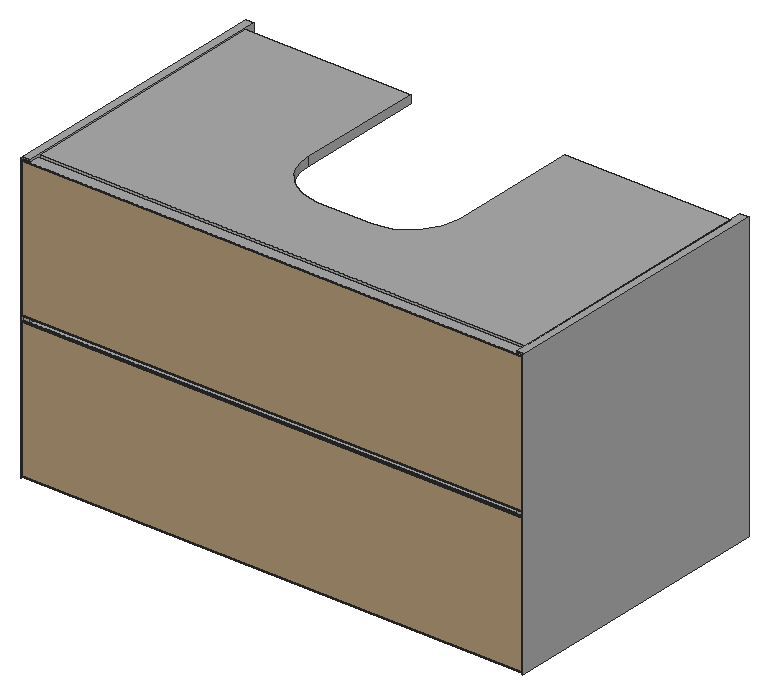
Revit family "vanity unit-hansgrohe-54192XXX-Xevolos E Vanity unit Slate Matt Grey 980_550 with 2 drawers for consoles with countertop basin ground", category Furniture, Revit 2019
Family settings
  OmniClass Number = 23.40.00.00
  OmniClass Title = Equipment and Furnishings
  Work Plane-Based = No
  Always vertical = Yes
  Cut with Voids When Loaded = No
  Shared = Yes
  Room Calculation Point = No
Parameters (values of type "54192390-SLATE_MATT_GREY-PATTEREND_BRONZE-400")
  etim7_EC011381 = "EC011381"
  WEIGHT = "49.4"
  UNSPSC = "56 | Furniture and Furnishings"
  UNIFORMATII = "E2010 | Fixed Furnishings"
  UNICLASS_2015_CODE = "40_30_78_05"
  UNICLASS2015 = "Pr_40_30_78_05 | Bathroom furniture"
  SURFACE = "PATTEREND_BRONZE"
  REGION = "Worldwide"
  PRODUCTURL = "https://pro.hansgrohe.com/articledetail--54192770"
  PERMALINK = "54192XXX"
  OMNICLASS = "23-21 19 15 33 13 | Residential Bathroom Specialty Casework"
  OBJECTTYPE = "Object (single object)"
  OBERFLAECHE = "SLATE_MATT_GREY"
  NN = "Vanity unit with 2 drawers for consoles with countertop basin ground"
  NBSYN = "$ARTNR.-$OBERFLAECHE.-$SURFACE.-$LODLEVEL."
  NB = "54192390-SLATE_MATT_GREY-PATTEREND_BRONZE-400"
  NAME = "Xevolos E Vanity unit Slate Matt Grey 980/550 with 2 drawers for consoles with countertop basin ground"
  Model = "54192390-SLATE_MATT_GREY-PATTEREND_BRONZE-400"
  Manufacturer = "Hansgrohe"
  MIdent = "{$CADENAS_DATA/23d-libs/hansgrohe/xevolos_furniture/e_vanity_unit_2_drawers_console_countertop_basin/vanity_unit_2drawers_consoles_countertop_basin.prj},301 {VTYP=3D},{NB=54192390-SLATE_MATT_GREY-PATTEREND_BRONZE-400},{LINA=54192390-SLATE_MATT_GREY-PATTEREND_BRONZE-400},{NN=Vanity unit with 2 drawers for consoles with countertop basin ground},{DATE=13.03.2023 11:45:48},{GEOMDATE=12.03.2023 06:32:00},{VERSION=},{LINEID=160},{WBVAR=LODLEVEL},{WBNUMERIC=}  {NB=54192390-SLATE_MATT_GREY-PATTEREND_BRONZE-400},{LINA=54192390-SLATE_MATT_GREY-PATTEREND_BRONZE-400},{KT=DUMMY},{IDNR=16},{ARTNR=54192390},{BASENUMBER=54192},{MODEL=54192XXX},{OBERFLAECHE=SLATE_MATT_GREY},{SURFACE=PATTEREND_BRONZE},{L=980},{LODLEVEL=400},{LODLEVELX='400','400','200','200'},{NAME=Xevolos E Vanity unit Slate Matt Grey 980/550 with 2 drawers for consoles with countertop basin ground},{PERMALINK=54192XXX},{OBJECTTYPE=Object (single object)},{BIMOBJECT=Sanitary: Compound units},{COLLECTIONSET=Xevolos E},{COLLECTION=vanity unit},{WEIGHT=49.4},{DESCRIPTION=Xevolos E Vanity unit Slate Matt Grey 980/550 with 2 drawers for consoles with countertop basin ground},{PRODUCTURL=https://pro.hansgrohe.com/articledetail--54192770},{GTINCODE=0},{TENDERURL=0},{IFC=Furnishing element},{ETIM=EC011381 | Bathroom furniture set},{UNICLASS2015=Pr_40_30_78_05 | Bathroom furniture},{OMNICLASS=23-21 19 15 33 13 | Residential Bathroom Specialty Casework},{MASTERFORMAT=12 35 30.23 | Bathroom Casework},{UNSPSC=56 | Furniture and Furnishings},{UNIFORMATII=E2010 | Fixed Furnishings},{REGION=Worldwide},{DESIGN=Germany},{MANUFACTURER=Germany}"
  MASTERFORMAT = "12 35 30.23 | Bathroom Casework"
  LODLEVEL = "400"
  LINA = "54192390-SLATE_MATT_GREY-PATTEREND_BRONZE-400"
  L = 980
  IFC = "Furnishing element"
  IDNR = 16
  ETIM = "EC011381 | Bathroom furniture set"
  DESIGN = "Germany"
  COLLECTIONSET = "Xevolos E"
  COLLECTION = "vanity unit"
  CATALOG = "Hansgrohe"
  BIMOBJECT = "Sanitary: Compound units"
  BASENUMBER = "54192"
  ARTNR = "54192390"
  54192770-SLATE_MATT_GREY-METALLIC_SLATE_GREY-400_RX0RY0RZ0TX0TY0TZ0_V = no
  54192770-SLATE_MATT_GREY-METALLIC_SLATE_GREY-200_RX0RY0RZ0TX0TY0TZ0_V = no
  54192730-SLATE_MATT_GREY-DARK_OAK-400_RX0RY0RZ0TX0TY0TZ0_V = no
  54192730-SLATE_MATT_GREY-DARK_OAK-200_RX0RY0RZ0TX0TY0TZ0_V = no
  54192390-SLATE_MATT_GREY-PATTEREND_BRONZE-400_RX0RY0RZ0TX0TY0TZ0_V = yes
  54192390-SLATE_MATT_GREY-PATTEREND_BRONZE-200_RX0RY0RZ0TX0TY0TZ0_V = no
Types (6, lengths in mm): name | SURFACE | NB | Model | MIdent | LODLEVEL | LINA | IDNR | ARTNR | 54192770-SLATE_MATT_GREY-METALLIC_SLATE_GREY-400_RX0RY0RZ0TX0TY0TZ0_V | 54192770-SLATE_MATT_GREY-METALLIC_SLATE_GREY-200_RX0RY0RZ0TX0TY0TZ0_V | 54192730-SLATE_MATT_GREY-DARK_OAK-400_RX0RY0RZ0TX0TY0TZ0_V | 54192730-SLATE_MATT_GREY-DARK_OAK-200_RX0RY0RZ0TX0TY0TZ0_V | 54192390-SLATE_MATT_GREY-PATTEREND_BRONZE-400_RX0RY0RZ0TX0TY0TZ0_V | 54192390-SLATE_MATT_GREY-PATTEREND_BRONZE-200_RX0RY0RZ0TX0TY0TZ0_V
  54192390-SLATE_MATT_GREY-PATTEREND_BRONZE-200 | "PATTEREND_BRONZE" | "54192390-SLATE_MATT_GREY-PATTEREND_BRONZE-200" | "54192390-SLATE_MATT_GREY-PATTEREND_BRONZE-200" | "{$CADENAS_DATA/23d-libs/hansgrohe/xevolos_furniture/e_vanity_unit_2_drawers_console_countertop_basin/vanity_unit_2drawers_consoles_countertop_basin.prj},301 {VTYP=3D},{NB=54192390-SLATE_MATT_GREY-PATTEREND_BRONZE-200},{LINA=54192390-SLATE_MATT_GREY-PATTEREND_BRONZE-200},{NN=Vanity unit with 2 drawers for consoles with countertop basin ground},{DATE=13.03.2023 11:45:48},{GEOMDATE=12.03.2023 06:32:00},{VERSION=},{LINEID=160},{WBVAR=LODLEVEL},{WBNUMERIC=}  {NB=54192390-SLATE_MATT_GREY-PATTEREND_BRONZE-200},{LINA=54192390-SLATE_MATT_GREY-PATTEREND_BRONZE-200},{KT=DUMMY},{IDNR=16},{ARTNR=54192390},{BASENUMBER=54192},{MODEL=54192XXX},{OBERFLAECHE=SLATE_MATT_GREY},{SURFACE=PATTEREND_BRONZE},{L=980},{LODLEVEL=200},{LODLEVELX='400','400','200','200'},{NAME=Xevolos E Vanity unit Slate Matt Grey 980/550 with 2 drawers for consoles with countertop basin ground},{PERMALINK=54192XXX},{OBJECTTYPE=Object (single object)},{BIMOBJECT=Sanitary: Compound units},{COLLECTIONSET=Xevolos E},{COLLECTION=vanity unit},{WEIGHT=49.4},{DESCRIPTION=Xevolos E Vanity unit Slate Matt Grey 980/550 with 2 drawers for consoles with countertop basin ground},{PRODUCTURL=https://pro.hansgrohe.com/articledetail--54192770},{GTINCODE=0},{TENDERURL=0},{IFC=Furnishing element},{ETIM=EC011381 | Bathroom furniture set},{UNICLASS2015=Pr_40_30_78_05 | Bathroom furniture},{OMNICLASS=23-21 19 15 33 13 | Residential Bathroom Specialty Casework},{MASTERFORMAT=12 35 30.23 | Bathroom Casework},{UNSPSC=56 | Furniture and Furnishings},{UNIFORMATII=E2010 | Fixed Furnishings},{REGION=Worldwide},{DESIGN=Germany},{MANUFACTURER=Germany}" | "200" | "54192390-SLATE_MATT_GREY-PATTEREND_BRONZE-200" | 16 | "54192390" | no | no | no | no | no | yes
  54192390-SLATE_MATT_GREY-PATTEREND_BRONZE-400 | "PATTEREND_BRONZE" | "54192390-SLATE_MATT_GREY-PATTEREND_BRONZE-400" | "54192390-SLATE_MATT_GREY-PATTEREND_BRONZE-400" | "{$CADENAS_DATA/23d-libs/hansgrohe/xevolos_furniture/e_vanity_unit_2_drawers_console_countertop_basin/vanity_unit_2drawers_consoles_countertop_basin.prj},301 {VTYP=3D},{NB=54192390-SLATE_MATT_GREY-PATTEREND_BRONZE-400},{LINA=54192390-SLATE_MATT_GREY-PATTEREND_BRONZE-400},{NN=Vanity unit with 2 drawers for consoles with countertop basin ground},{DATE=13.03.2023 11:45:48},{GEOMDATE=12.03.2023 06:32:00},{VERSION=},{LINEID=160},{WBVAR=LODLEVEL},{WBNUMERIC=}  {NB=54192390-SLATE_MATT_GREY-PATTEREND_BRONZE-400},{LINA=54192390-SLATE_MATT_GREY-PATTEREND_BRONZE-400},{KT=DUMMY},{IDNR=16},{ARTNR=54192390},{BASENUMBER=54192},{MODEL=54192XXX},{OBERFLAECHE=SLATE_MATT_GREY},{SURFACE=PATTEREND_BRONZE},{L=980},{LODLEVEL=400},{LODLEVELX='400','400','200','200'},{NAME=Xevolos E Vanity unit Slate Matt Grey 980/550 with 2 drawers for consoles with countertop basin ground},{PERMALINK=54192XXX},{OBJECTTYPE=Object (single object)},{BIMOBJECT=Sanitary: Compound units},{COLLECTIONSET=Xevolos E},{COLLECTION=vanity unit},{WEIGHT=49.4},{DESCRIPTION=Xevolos E Vanity unit Slate Matt Grey 980/550 with 2 drawers for consoles with countertop basin ground},{PRODUCTURL=https://pro.hansgrohe.com/articledetail--54192770},{GTINCODE=0},{TENDERURL=0},{IFC=Furnishing element},{ETIM=EC011381 | Bathroom furniture set},{UNICLASS2015=Pr_40_30_78_05 | Bathroom furniture},{OMNICLASS=23-21 19 15 33 13 | Residential Bathroom Specialty Casework},{MASTERFORMAT=12 35 30.23 | Bathroom Casework},{UNSPSC=56 | Furniture and Furnishings},{UNIFORMATII=E2010 | Fixed Furnishings},{REGION=Worldwide},{DESIGN=Germany},{MANUFACTURER=Germany}" | "400" | "54192390-SLATE_MATT_GREY-PATTEREND_BRONZE-400" | 16 | "54192390" | no | no | no | no | yes | no
  54192730-SLATE_MATT_GREY-DARK_OAK-200 | "DARK_OAK" | "54192730-SLATE_MATT_GREY-DARK_OAK-200" | "54192730-SLATE_MATT_GREY-DARK_OAK-200" | "{$CADENAS_DATA/23d-libs/hansgrohe/xevolos_furniture/e_vanity_unit_2_drawers_console_countertop_basin/vanity_unit_2drawers_consoles_countertop_basin.prj},285 {VTYP=3D},{NB=54192730-SLATE_MATT_GREY-DARK_OAK-200},{LINA=54192730-SLATE_MATT_GREY-DARK_OAK-200},{NN=Vanity unit with 2 drawers for consoles with countertop basin ground},{DATE=13.03.2023 11:45:48},{GEOMDATE=12.03.2023 06:32:00},{VERSION=},{LINEID=170},{WBVAR=LODLEVEL},{WBNUMERIC=}  {NB=54192730-SLATE_MATT_GREY-DARK_OAK-200},{LINA=54192730-SLATE_MATT_GREY-DARK_OAK-200},{KT=DUMMY},{IDNR=17},{ARTNR=54192730},{BASENUMBER=54192},{MODEL=54192XXX},{OBERFLAECHE=SLATE_MATT_GREY},{SURFACE=DARK_OAK},{L=980},{LODLEVEL=200},{LODLEVELX='400','400','200','200'},{NAME=Xevolos E Vanity unit Slate Matt Grey 980/550 with 2 drawers for consoles with countertop basin ground},{PERMALINK=54192XXX},{OBJECTTYPE=Object (single object)},{BIMOBJECT=Sanitary: Compound units},{COLLECTIONSET=Xevolos E},{COLLECTION=vanity unit},{WEIGHT=49.4},{DESCRIPTION=Xevolos E Vanity unit Slate Matt Grey 980/550 with 2 drawers for consoles with countertop basin ground},{PRODUCTURL=https://pro.hansgrohe.com/articledetail--54192770},{GTINCODE=0},{TENDERURL=0},{IFC=Furnishing element},{ETIM=EC011381 | Bathroom furniture set},{UNICLASS2015=Pr_40_30_78_05 | Bathroom furniture},{OMNICLASS=23-21 19 15 33 13 | Residential Bathroom Specialty Casework},{MASTERFORMAT=12 35 30.23 | Bathroom Casework},{UNSPSC=56 | Furniture and Furnishings},{UNIFORMATII=E2010 | Fixed Furnishings},{REGION=Worldwide},{DESIGN=Germany},{MANUFACTURER=Germany}" | "200" | "54192730-SLATE_MATT_GREY-DARK_OAK-200" | 17 | "54192730" | no | no | no | yes | no | no
  54192730-SLATE_MATT_GREY-DARK_OAK-400 | "DARK_OAK" | "54192730-SLATE_MATT_GREY-DARK_OAK-400" | "54192730-SLATE_MATT_GREY-DARK_OAK-400" | "{$CADENAS_DATA/23d-libs/hansgrohe/xevolos_furniture/e_vanity_unit_2_drawers_console_countertop_basin/vanity_unit_2drawers_consoles_countertop_basin.prj},285 {VTYP=3D},{NB=54192730-SLATE_MATT_GREY-DARK_OAK-400},{LINA=54192730-SLATE_MATT_GREY-DARK_OAK-400},{NN=Vanity unit with 2 drawers for consoles with countertop basin ground},{DATE=13.03.2023 11:45:48},{GEOMDATE=12.03.2023 06:32:00},{VERSION=},{LINEID=170},{WBVAR=LODLEVEL},{WBNUMERIC=}  {NB=54192730-SLATE_MATT_GREY-DARK_OAK-400},{LINA=54192730-SLATE_MATT_GREY-DARK_OAK-400},{KT=DUMMY},{IDNR=17},{ARTNR=54192730},{BASENUMBER=54192},{MODEL=54192XXX},{OBERFLAECHE=SLATE_MATT_GREY},{SURFACE=DARK_OAK},{L=980},{LODLEVEL=400},{LODLEVELX='400','400','200','200'},{NAME=Xevolos E Vanity unit Slate Matt Grey 980/550 with 2 drawers for consoles with countertop basin ground},{PERMALINK=54192XXX},{OBJECTTYPE=Object (single object)},{BIMOBJECT=Sanitary: Compound units},{COLLECTIONSET=Xevolos E},{COLLECTION=vanity unit},{WEIGHT=49.4},{DESCRIPTION=Xevolos E Vanity unit Slate Matt Grey 980/550 with 2 drawers for consoles with countertop basin ground},{PRODUCTURL=https://pro.hansgrohe.com/articledetail--54192770},{GTINCODE=0},{TENDERURL=0},{IFC=Furnishing element},{ETIM=EC011381 | Bathroom furniture set},{UNICLASS2015=Pr_40_30_78_05 | Bathroom furniture},{OMNICLASS=23-21 19 15 33 13 | Residential Bathroom Specialty Casework},{MASTERFORMAT=12 35 30.23 | Bathroom Casework},{UNSPSC=56 | Furniture and Furnishings},{UNIFORMATII=E2010 | Fixed Furnishings},{REGION=Worldwide},{DESIGN=Germany},{MANUFACTURER=Germany}" | "400" | "54192730-SLATE_MATT_GREY-DARK_OAK-400" | 17 | "54192730" | no | no | yes | no | no | no
  54192770-SLATE_MATT_GREY-METALLIC_SLATE_GREY-200 | "METALLIC_SLATE_GREY" | "54192770-SLATE_MATT_GREY-METALLIC_SLATE_GREY-200" | "54192770-SLATE_MATT_GREY-METALLIC_SLATE_GREY-200" | "{$CADENAS_DATA/23d-libs/hansgrohe/xevolos_furniture/e_vanity_unit_2_drawers_console_countertop_basin/vanity_unit_2drawers_consoles_countertop_basin.prj},307 {VTYP=3D},{NB=54192770-SLATE_MATT_GREY-METALLIC_SLATE_GREY-200},{LINA=54192770-SLATE_MATT_GREY-METALLIC_SLATE_GREY-200},{NN=Vanity unit with 2 drawers for consoles with countertop basin ground},{DATE=13.03.2023 11:45:48},{GEOMDATE=12.03.2023 06:32:00},{VERSION=},{LINEID=180},{WBVAR=LODLEVEL},{WBNUMERIC=}  {NB=54192770-SLATE_MATT_GREY-METALLIC_SLATE_GREY-200},{LINA=54192770-SLATE_MATT_GREY-METALLIC_SLATE_GREY-200},{KT=DUMMY},{IDNR=18},{ARTNR=54192770},{BASENUMBER=54192},{MODEL=54192XXX},{OBERFLAECHE=SLATE_MATT_GREY},{SURFACE=METALLIC_SLATE_GREY},{L=980},{LODLEVEL=200},{LODLEVELX='400','400','200','200'},{NAME=Xevolos E Vanity unit Slate Matt Grey 980/550 with 2 drawers for consoles with countertop basin ground},{PERMALINK=54192XXX},{OBJECTTYPE=Object (single object)},{BIMOBJECT=Sanitary: Compound units},{COLLECTIONSET=Xevolos E},{COLLECTION=vanity unit},{WEIGHT=49.4},{DESCRIPTION=Xevolos E Vanity unit Slate Matt Grey 980/550 with 2 drawers for consoles with countertop basin ground},{PRODUCTURL=https://pro.hansgrohe.com/articledetail--54192770},{GTINCODE=0},{TENDERURL=0},{IFC=Furnishing element},{ETIM=EC011381 | Bathroom furniture set},{UNICLASS2015=Pr_40_30_78_05 | Bathroom furniture},{OMNICLASS=23-21 19 15 33 13 | Residential Bathroom Specialty Casework},{MASTERFORMAT=12 35 30.23 | Bathroom Casework},{UNSPSC=56 | Furniture and Furnishings},{UNIFORMATII=E2010 | Fixed Furnishings},{REGION=Worldwide},{DESIGN=Germany},{MANUFACTURER=Germany}" | "200" | "54192770-SLATE_MATT_GREY-METALLIC_SLATE_GREY-200" | 18 | "54192770" | no | yes | no | no | no | no
  54192770-SLATE_MATT_GREY-METALLIC_SLATE_GREY-400 | "METALLIC_SLATE_GREY" | "54192770-SLATE_MATT_GREY-METALLIC_SLATE_GREY-400" | "54192770-SLATE_MATT_GREY-METALLIC_SLATE_GREY-400" | "{$CADENAS_DATA/23d-libs/hansgrohe/xevolos_furniture/e_vanity_unit_2_drawers_console_countertop_basin/vanity_unit_2drawers_consoles_countertop_basin.prj},307 {VTYP=3D},{NB=54192770-SLATE_MATT_GREY-METALLIC_SLATE_GREY-400},{LINA=54192770-SLATE_MATT_GREY-METALLIC_SLATE_GREY-400},{NN=Vanity unit with 2 drawers for consoles with countertop basin ground},{DATE=13.03.2023 11:45:48},{GEOMDATE=12.03.2023 06:32:00},{VERSION=},{LINEID=180},{WBVAR=LODLEVEL},{WBNUMERIC=}  {NB=54192770-SLATE_MATT_GREY-METALLIC_SLATE_GREY-400},{LINA=54192770-SLATE_MATT_GREY-METALLIC_SLATE_GREY-400},{KT=DUMMY},{IDNR=18},{ARTNR=54192770},{BASENUMBER=54192},{MODEL=54192XXX},{OBERFLAECHE=SLATE_MATT_GREY},{SURFACE=METALLIC_SLATE_GREY},{L=980},{LODLEVEL=400},{LODLEVELX='400','400','200','200'},{NAME=Xevolos E Vanity unit Slate Matt Grey 980/550 with 2 drawers for consoles with countertop basin ground},{PERMALINK=54192XXX},{OBJECTTYPE=Object (single object)},{BIMOBJECT=Sanitary: Compound units},{COLLECTIONSET=Xevolos E},{COLLECTION=vanity unit},{WEIGHT=49.4},{DESCRIPTION=Xevolos E Vanity unit Slate Matt Grey 980/550 with 2 drawers for consoles with countertop basin ground},{PRODUCTURL=https://pro.hansgrohe.com/articledetail--54192770},{GTINCODE=0},{TENDERURL=0},{IFC=Furnishing element},{ETIM=EC011381 | Bathroom furniture set},{UNICLASS2015=Pr_40_30_78_05 | Bathroom furniture},{OMNICLASS=23-21 19 15 33 13 | Residential Bathroom Specialty Casework},{MASTERFORMAT=12 35 30.23 | Bathroom Casework},{UNSPSC=56 | Furniture and Furnishings},{UNIFORMATII=E2010 | Fixed Furnishings},{REGION=Worldwide},{DESIGN=Germany},{MANUFACTURER=Germany}" | "400" | "54192770-SLATE_MATT_GREY-METALLIC_SLATE_GREY-400" | 18 | "54192770" | yes | no | no | no | no | no
Reference planes
  plane 1 "Center (Front/Back)": y = 0
  plane 2: z = 0
  plane 3 "Center (Left/Right)": x = 0
Dimensions and locks
  aligned and locked: level to plane 2
Nested families
  nested 1: "54192390-slate_matt_grey-patterend_bronze-200_content" at (0, 0, 0), visible <- "54192390-SLATE_MATT_GREY-PATTEREND_BRONZE-200_RX0RY0RZ0TX0TY0TZ0_V", ContentVisible <- "54192390-SLATE_MATT_GREY-PATTEREND_BRONZE-200_RX0RY0RZ0TX0TY0TZ0_V", type "54192390-SLATE_MATT_GREY-PATTEREND_BRONZE-200_Content"
    with ContentVisible no
  nested 2: "54192390-slate_matt_grey-patterend_bronze-400_content" at (0, 0, 0), visible <- "54192390-SLATE_MATT_GREY-PATTEREND_BRONZE-400_RX0RY0RZ0TX0TY0TZ0_V", ContentVisible <- "54192390-SLATE_MATT_GREY-PATTEREND_BRONZE-400_RX0RY0RZ0TX0TY0TZ0_V", type "54192390-SLATE_MATT_GREY-PATTEREND_BRONZE-400_Content"
    with ContentVisible yes
  nested 3: "54192730-slate_matt_grey-dark_oak-200_content" at (0, 0, 0), visible <- "54192730-SLATE_MATT_GREY-DARK_OAK-200_RX0RY0RZ0TX0TY0TZ0_V", ContentVisible <- "54192730-SLATE_MATT_GREY-DARK_OAK-200_RX0RY0RZ0TX0TY0TZ0_V", type "54192730-SLATE_MATT_GREY-DARK_OAK-200_Content"
    with ContentVisible no
  nested 4: "54192730-slate_matt_grey-dark_oak-400_content" at (0, 0, 0), visible <- "54192730-SLATE_MATT_GREY-DARK_OAK-400_RX0RY0RZ0TX0TY0TZ0_V", ContentVisible <- "54192730-SLATE_MATT_GREY-DARK_OAK-400_RX0RY0RZ0TX0TY0TZ0_V", type "54192730-SLATE_MATT_GREY-DARK_OAK-400_Content"
    with ContentVisible no
  nested 5: "54192770-slate_matt_grey-metallic_slate_grey-200_content" at (0, 0, 0), visible <- "54192770-SLATE_MATT_GREY-METALLIC_SLATE_GREY-200_RX0RY0RZ0TX0TY0TZ0_V", ContentVisible <- "54192770-SLATE_MATT_GREY-METALLIC_SLATE_GREY-200_RX0RY0RZ0TX0TY0TZ0_V", type "54192770-SLATE_MATT_GREY-METALLIC_SLATE_GREY-200_Content"
    with ContentVisible no
  nested 6: "54192770-slate_matt_grey-metallic_slate_grey-400_content" at (0, 0, 0), visible <- "54192770-SLATE_MATT_GREY-METALLIC_SLATE_GREY-400_RX0RY0RZ0TX0TY0TZ0_V", ContentVisible <- "54192770-SLATE_MATT_GREY-METALLIC_SLATE_GREY-400_RX0RY0RZ0TX0TY0TZ0_V", type "54192770-SLATE_MATT_GREY-METALLIC_SLATE_GREY-400_Content"
    with ContentVisible no
Definition of nested family "54192390-slate_matt_grey-patterend_bronze-400_content"
  Parameters (values of type "54192390-SLATE_MATT_GREY-PATTEREND_BRONZE-400_Content")
    etim7_EC011381 = "EC011381"
    WEIGHT = "49.4"
    UNSPSC = "56 | Furniture and Furnishings"
    UNIFORMATII = "E2010 | Fixed Furnishings"
    UNICLASS_2015_CODE = "40_30_78_05"
    UNICLASS2015 = "Pr_40_30_78_05 | Bathroom furniture"
    SURFACE = "PATTEREND_BRONZE"
    REGION = "Worldwide"
    PRODUCTURL = "https://pro.hansgrohe.com/articledetail--54192770"
    PERMALINK = "54192XXX"
    OMNICLASS = "23-21 19 15 33 13 | Residential Bathroom Specialty Casework"
    OBJECTTYPE = "Object (single object)"
    OBERFLAECHE = "SLATE_MATT_GREY"
    NN = "Vanity unit with 2 drawers for consoles with countertop basin ground"
    NBSYN = "$ARTNR.-$OBERFLAECHE.-$SURFACE.-$LODLEVEL."
    NB = "54192390-SLATE_MATT_GREY-PATTEREND_BRONZE-400"
    NAME = "Xevolos E Vanity unit Slate Matt Grey 980/550 with 2 drawers for consoles with countertop basin ground"
    Model = "54192390-SLATE_MATT_GREY-PATTEREND_BRONZE-400"
    Manufacturer = "Hansgrohe"
    MASTERFORMAT = "12 35 30.23 | Bathroom Casework"
    LODLEVEL = "400"
    LINA = "54192390-SLATE_MATT_GREY-PATTEREND_BRONZE-400"
    L = 980
    IFC = "Furnishing element"
    IDNR = 16
    ETIM = "EC011381 | Bathroom furniture set"
    Default Elevation = 1219.2 mm
    DESIGN = "Germany"
    ContentVisible [instance] = yes
    COLLECTIONSET = "Xevolos E"
    COLLECTION = "vanity unit"
    CATALOG = "Hansgrohe"
    BIMOBJECT = "Sanitary: Compound units"
    BASENUMBER = "54192"
    ARTNR = "54192390"
  Reference planes
    plane 1 "Center (Front/Back)": y = 0
    plane 2: z = 0
    plane 3 "Center (Left/Right)": x = 0
  Forms (mm)
    Extrusion 1, solid, visible <- "ContentVisible", detail levels medium+fine
      sketch origin (0, 0, 0) x (1, 0, 0) y (0, 1, 0)
        loop
          line (-490, 0) -> (-490, -548.3) -> (-488, -548.3) -> (-488, -544.3) -> (-474, -544.3) -> (-474, 0) -> (-490, 0)
      from 0 to 558
    Extrusion 2, solid, visible <- "ContentVisible", detail levels medium+fine
      sketch origin (0, 0, 0) x (1, 0, 0) y (0, 1, 0)
        loop
          line (-474, -131.5) -> (-474, -498) -> (474, -498) -> (474, -131.5) -> (-474, -131.5)
      from 0 to 16
    Extrusion 3, solid, visible <- "ContentVisible", detail levels medium+fine
      sketch origin (0, 0, 0) x (1, 0, 0) y (0, 1, 0)
        loop
          line (474, 0) -> (474, -544.3) -> (488, -544.3) -> (488, -548.3) -> (490, -548.3) -> (490, 0) -> (474, 0)
      from 0 to 558
    Extrusion 4, solid, visible <- "ContentVisible", detail levels medium+fine
      sketch origin (0, 0, 0.5) x (1, 0, 0) y (0, 1, 0)
        loop
          line (-474, -115.5) -> (-474, -131.5) -> (474, -131.5) -> (474, -115.5) -> (-474, -115.5)
      from 0 to 126
    Extrusion 5, solid, visible <- "ContentVisible", detail levels medium+fine
      sketch origin (0, 0, 2) x (1, 0, 0) y (0, 1, 0)
        loop
          line (-488, -527) -> (-488, -548.3) -> (488, -548.3) -> (488, -527) -> (-488, -527)
      from 0 to 2
    Extrusion 6, solid, visible <- "ContentVisible", detail levels medium+fine
      sketch origin (0, 0, 556) x (1, 0, 0) y (0, 1, 0)
        loop
          line (-488, -527) -> (-488, -548.3) -> (488, -548.3) -> (488, -527) -> (-488, -527)
      from -2 to 0
    Extrusion 7, solid, visible <- "ContentVisible", detail levels medium+fine
      sketch origin (0, -544.3, 0) x (1, 0, 0) y (0, 0, -1)
        loop
          line (-488, -272.5) -> (488, -272.5) -> (488, -4) -> (-488, -4) -> (-488, -272.5)
      from -4 to 0
    Extrusion 8, solid, visible <- "ContentVisible", detail levels medium+fine
      sketch origin (0, -544.3, 0) x (1, 0, 0) y (0, 0, -1)
        loop
          line (-488, -554) -> (488, -554) -> (488, -285.5) -> (-488, -285.5) -> (-488, -554)
      from -4 to 0
    Extrusion 9, solid, visible <- "ContentVisible", detail levels medium+fine
      sketch origin (0, 0, 272.5) x (1, 0, 0) y (0, 1, 0)
        loop
          line (-488, -527) -> (-488, -548.3) -> (488, -548.3) -> (488, -527) -> (-488, -527)
      from 0 to 2
    Extrusion 10, solid, visible <- "ContentVisible", detail levels medium+fine
      sketch origin (0, 0, 285.5) x (1, 0, 0) y (0, 1, 0)
        loop
          line (-488, -527) -> (-488, -548.3) -> (488, -548.3) -> (488, -527) -> (-488, -527)
      from -2 to 0
    Extrusion 11, solid, visible <- "ContentVisible", detail levels medium+fine
      sketch origin (0, -544.3, 0) x (1, 0, 0) y (0, 0, -1)
        loop
          line (-488, -274.5) -> (488, -274.5) -> (488, -4.5) -> (-488, -4.5) -> (-488, -274.5)
        loop
          line (-414, -78) -> (-414, -272.5) -> (414, -272.5) -> (414, -78) -> (-414, -78)
      from 0 to 17
    Extrusion 12, solid, visible <- "ContentVisible", detail levels medium+fine
      sketch origin (0, -544.3, 0) x (1, 0, 0) y (0, 0, -1)
        loop
          line (-488, -553.5) -> (-412, -553.5) -> (-412, -361.5) -> (412, -361.5) -> (412, -553.5) -> (488, -553.5) -> (488, -285.5) -> (-488, -285.5) -> (-488, -553.5)
      from 0 to 17
    Extrusion 13, solid, visible <- "ContentVisible", detail levels medium+fine
      sketch origin (0, 0, 0) x (0, 0, -1) y (0, 1, 0)
        loop
          line (-285, -395.5) -> (-285, -520) -> (-269, -520) -> (-269, -395.5) -> (-285, -395.5)
      from -474 to 474
    Extrusion 14, solid, visible <- "ContentVisible", detail levels medium+fine
      sketch origin (0, 0, 557.5) x (1, 0, 0) y (0, 1, 0)
        loop
          line (-474, -521.5) -> (474, -521.5) -> (474, -23) -> (150, -23) -> (150, -273)
          arc (150, -273) -> (120.711, -343.711) -> (50, -373) r 100
          line (50, -373) -> (-50, -373)
          arc (-50, -373) -> (-120.711, -343.711) -> (-150, -273) r 100
          line (-150, -273) -> (-150, -23) -> (-474, -23) -> (-474, -521.5)
      from -16 to 0
    Extrusion 15, solid, visible <- "ContentVisible", detail levels coarse
      sketch origin (0, -274.15, 0) x (1, 0, 0) y (0, 1, 0)
        loop
          line (-490, -274.15) -> (490, -274.15) -> (490, 274.15) -> (-490, 274.15) -> (-490, -274.15)
      from 0 to 558
  Dimensions and locks
    aligned and locked: level to plane 2
Definition of nested family "54192390-slate_matt_grey-patterend_bronze-200_content"
  Parameters (values of type "54192390-SLATE_MATT_GREY-PATTEREND_BRONZE-200_Content")
    etim7_EC011381 = "EC011381"
    WEIGHT = "49.4"
    UNSPSC = "56 | Furniture and Furnishings"
    UNIFORMATII = "E2010 | Fixed Furnishings"
    UNICLASS_2015_CODE = "40_30_78_05"
    UNICLASS2015 = "Pr_40_30_78_05 | Bathroom furniture"
    SURFACE = "PATTEREND_BRONZE"
    REGION = "Worldwide"
    PRODUCTURL = "https://pro.hansgrohe.com/articledetail--54192770"
    PERMALINK = "54192XXX"
    OMNICLASS = "23-21 19 15 33 13 | Residential Bathroom Specialty Casework"
    OBJECTTYPE = "Object (single object)"
    OBERFLAECHE = "SLATE_MATT_GREY"
    NN = "Vanity unit with 2 drawers for consoles with countertop basin ground"
    NBSYN = "$ARTNR.-$OBERFLAECHE.-$SURFACE.-$LODLEVEL."
    NB = "54192390-SLATE_MATT_GREY-PATTEREND_BRONZE-200"
    NAME = "Xevolos E Vanity unit Slate Matt Grey 980/550 with 2 drawers for consoles with countertop basin ground"
    Model = "54192390-SLATE_MATT_GREY-PATTEREND_BRONZE-200"
    Manufacturer = "Hansgrohe"
    MASTERFORMAT = "12 35 30.23 | Bathroom Casework"
    LODLEVEL = "200"
    LINA = "54192390-SLATE_MATT_GREY-PATTEREND_BRONZE-200"
    L = 980
    IFC = "Furnishing element"
    IDNR = 16
    ETIM = "EC011381 | Bathroom furniture set"
    Default Elevation = 1219.2 mm
    DESIGN = "Germany"
    ContentVisible [instance] = yes
    COLLECTIONSET = "Xevolos E"
    COLLECTION = "vanity unit"
    CATALOG = "Hansgrohe"
    BIMOBJECT = "Sanitary: Compound units"
    BASENUMBER = "54192"
    ARTNR = "54192390"
  Reference planes
    plane 1 "Center (Front/Back)": y = 0
    plane 2: z = 0
    plane 3 "Center (Left/Right)": x = 0
  Forms (mm)
    Extrusion 1, solid, visible <- "ContentVisible", detail levels medium+fine
      sketch origin (0, 0, 0) x (1, 0, 0) y (0, 1, 0)
        loop
          line (-490, 0) -> (-490, -544.3) -> (490, -544.3) -> (490, 0) -> (-490, 0)
      from 0 to 558
    Extrusion 2, solid, visible <- "ContentVisible", detail levels medium+fine
      sketch origin (0, -544.3, 0) x (1, 0, 0) y (0, 0, -1)
        loop
          line (-490, -278) -> (-488, -278) -> (-488, -4) -> (488, -4) -> (488, -278) -> (490, -278) -> (490, -2) -> (-490, -2) -> (-490, -278)
      from -4 to 0
    Extrusion 3, solid, visible <- "ContentVisible", detail levels medium+fine
      sketch origin (0, -544.3, 0) x (1, 0, 0) y (0, 0, -1)
        loop
          line (-490, -278) -> (-490, -554) -> (490, -554) -> (490, -278) -> (488, -278) -> (488, -552) -> (-488, -552) -> (-488, -278) -> (-490, -278)
      from -4 to 0
    Extrusion 4, solid, visible <- "ContentVisible", detail levels medium+fine
      sketch origin (0, -544.3, 0) x (1, 0, 0) y (0, 0, -1)
        loop
          line (-488, -272.5) -> (488, -272.5) -> (488, -4) -> (-488, -4) -> (-488, -272.5)
      from -4 to 0
    Extrusion 5, solid, visible <- "ContentVisible", detail levels medium+fine
      sketch origin (0, -544.3, 0) x (1, 0, 0) y (0, 0, -1)
        loop
          line (-488, -554) -> (488, -554) -> (488, -285.5) -> (-488, -285.5) -> (-488, -554)
      from -4 to 0
    Extrusion 6, solid, visible <- "ContentVisible", detail levels medium+fine
      sketch origin (0, 0, 272.5) x (1, 0, 0) y (0, 1, 0)
        loop
          line (-488, -527) -> (-488, -548.3) -> (488, -548.3) -> (488, -527) -> (-488, -527)
      from 0 to 2
    Extrusion 7, solid, visible <- "ContentVisible", detail levels medium+fine
      sketch origin (0, 0, 285.5) x (1, 0, 0) y (0, 1, 0)
        loop
          line (-488, -527) -> (-488, -548.3) -> (488, -548.3) -> (488, -527) -> (-488, -527)
      from -2 to 0
    Extrusion 8, solid, visible <- "ContentVisible", detail levels coarse
      sketch origin (0, -274.15, 0) x (1, 0, 0) y (0, 1, 0)
        loop
          line (-490, -274.15) -> (490, -274.15) -> (490, 274.15) -> (-490, 274.15) -> (-490, -274.15)
      from 0 to 558
  Dimensions and locks
    aligned and locked: level to plane 2
Definition of nested family "54192730-slate_matt_grey-dark_oak-200_content"
  Parameters (values of type "54192730-SLATE_MATT_GREY-DARK_OAK-200_Content")
    etim7_EC011381 = "EC011381"
    WEIGHT = "49.4"
    UNSPSC = "56 | Furniture and Furnishings"
    UNIFORMATII = "E2010 | Fixed Furnishings"
    UNICLASS_2015_CODE = "40_30_78_05"
    UNICLASS2015 = "Pr_40_30_78_05 | Bathroom furniture"
    SURFACE = "DARK_OAK"
    REGION = "Worldwide"
    PRODUCTURL = "https://pro.hansgrohe.com/articledetail--54192770"
    PERMALINK = "54192XXX"
    OMNICLASS = "23-21 19 15 33 13 | Residential Bathroom Specialty Casework"
    OBJECTTYPE = "Object (single object)"
    OBERFLAECHE = "SLATE_MATT_GREY"
    NN = "Vanity unit with 2 drawers for consoles with countertop basin ground"
    NBSYN = "$ARTNR.-$OBERFLAECHE.-$SURFACE.-$LODLEVEL."
    NB = "54192730-SLATE_MATT_GREY-DARK_OAK-200"
    NAME = "Xevolos E Vanity unit Slate Matt Grey 980/550 with 2 drawers for consoles with countertop basin ground"
    Model = "54192730-SLATE_MATT_GREY-DARK_OAK-200"
    Manufacturer = "Hansgrohe"
    MASTERFORMAT = "12 35 30.23 | Bathroom Casework"
    LODLEVEL = "200"
    LINA = "54192730-SLATE_MATT_GREY-DARK_OAK-200"
    L = 980
    IFC = "Furnishing element"
    IDNR = 17
    ETIM = "EC011381 | Bathroom furniture set"
    Default Elevation = 1219.2 mm
    DESIGN = "Germany"
    ContentVisible [instance] = yes
    COLLECTIONSET = "Xevolos E"
    COLLECTION = "vanity unit"
    CATALOG = "Hansgrohe"
    BIMOBJECT = "Sanitary: Compound units"
    BASENUMBER = "54192"
    ARTNR = "54192730"
  Reference planes
    plane 1 "Center (Front/Back)": y = 0
    plane 2: z = 0
    plane 3 "Center (Left/Right)": x = 0
  Forms (mm)
    Extrusion 1, solid, visible <- "ContentVisible", detail levels medium+fine
      sketch origin (0, 0, 0) x (1, 0, 0) y (0, 1, 0)
        loop
          line (-490, 0) -> (-490, -544.3) -> (490, -544.3) -> (490, 0) -> (-490, 0)
      from 0 to 558
    Extrusion 2, solid, visible <- "ContentVisible", detail levels medium+fine
      sketch origin (0, -544.3, 0) x (1, 0, 0) y (0, 0, -1)
        loop
          line (-490, -278) -> (-488, -278) -> (-488, -4) -> (488, -4) -> (488, -278) -> (490, -278) -> (490, -2) -> (-490, -2) -> (-490, -278)
      from -4 to 0
    Extrusion 3, solid, visible <- "ContentVisible", detail levels medium+fine
      sketch origin (0, -544.3, 0) x (1, 0, 0) y (0, 0, -1)
        loop
          line (-490, -278) -> (-490, -554) -> (490, -554) -> (490, -278) -> (488, -278) -> (488, -552) -> (-488, -552) -> (-488, -278) -> (-490, -278)
      from -4 to 0
    Extrusion 4, solid, visible <- "ContentVisible", detail levels medium+fine
      sketch origin (0, -544.3, 0) x (1, 0, 0) y (0, 0, -1)
        loop
          line (-488, -272.5) -> (488, -272.5) -> (488, -4) -> (-488, -4) -> (-488, -272.5)
      from -4 to 0
    Extrusion 5, solid, visible <- "ContentVisible", detail levels medium+fine
      sketch origin (0, -544.3, 0) x (1, 0, 0) y (0, 0, -1)
        loop
          line (-488, -554) -> (488, -554) -> (488, -285.5) -> (-488, -285.5) -> (-488, -554)
      from -4 to 0
    Extrusion 6, solid, visible <- "ContentVisible", detail levels medium+fine
      sketch origin (0, 0, 272.5) x (1, 0, 0) y (0, 1, 0)
        loop
          line (-488, -527) -> (-488, -548.3) -> (488, -548.3) -> (488, -527) -> (-488, -527)
      from 0 to 2
    Extrusion 7, solid, visible <- "ContentVisible", detail levels medium+fine
      sketch origin (0, 0, 285.5) x (1, 0, 0) y (0, 1, 0)
        loop
          line (-488, -527) -> (-488, -548.3) -> (488, -548.3) -> (488, -527) -> (-488, -527)
      from -2 to 0
    Extrusion 8, solid, visible <- "ContentVisible", detail levels coarse
      sketch origin (0, -274.15, 0) x (1, 0, 0) y (0, 1, 0)
        loop
          line (-490, -274.15) -> (490, -274.15) -> (490, 274.15) -> (-490, 274.15) -> (-490, -274.15)
      from 0 to 558
  Dimensions and locks
    aligned and locked: level to plane 2
Definition of nested family "54192730-slate_matt_grey-dark_oak-400_content"
  Parameters (values of type "54192730-SLATE_MATT_GREY-DARK_OAK-400_Content")
    etim7_EC011381 = "EC011381"
    WEIGHT = "49.4"
    UNSPSC = "56 | Furniture and Furnishings"
    UNIFORMATII = "E2010 | Fixed Furnishings"
    UNICLASS_2015_CODE = "40_30_78_05"
    UNICLASS2015 = "Pr_40_30_78_05 | Bathroom furniture"
    SURFACE = "DARK_OAK"
    REGION = "Worldwide"
    PRODUCTURL = "https://pro.hansgrohe.com/articledetail--54192770"
    PERMALINK = "54192XXX"
    OMNICLASS = "23-21 19 15 33 13 | Residential Bathroom Specialty Casework"
    OBJECTTYPE = "Object (single object)"
    OBERFLAECHE = "SLATE_MATT_GREY"
    NN = "Vanity unit with 2 drawers for consoles with countertop basin ground"
    NBSYN = "$ARTNR.-$OBERFLAECHE.-$SURFACE.-$LODLEVEL."
    NB = "54192730-SLATE_MATT_GREY-DARK_OAK-400"
    NAME = "Xevolos E Vanity unit Slate Matt Grey 980/550 with 2 drawers for consoles with countertop basin ground"
    Model = "54192730-SLATE_MATT_GREY-DARK_OAK-400"
    Manufacturer = "Hansgrohe"
    MASTERFORMAT = "12 35 30.23 | Bathroom Casework"
    LODLEVEL = "400"
    LINA = "54192730-SLATE_MATT_GREY-DARK_OAK-400"
    L = 980
    IFC = "Furnishing element"
    IDNR = 17
    ETIM = "EC011381 | Bathroom furniture set"
    Default Elevation = 1219.2 mm
    DESIGN = "Germany"
    ContentVisible [instance] = yes
    COLLECTIONSET = "Xevolos E"
    COLLECTION = "vanity unit"
    CATALOG = "Hansgrohe"
    BIMOBJECT = "Sanitary: Compound units"
    BASENUMBER = "54192"
    ARTNR = "54192730"
  Reference planes
    plane 1 "Center (Front/Back)": y = 0
    plane 2: z = 0
    plane 3 "Center (Left/Right)": x = 0
  Forms (mm)
    Extrusion 1, solid, visible <- "ContentVisible", detail levels medium+fine
      sketch origin (0, 0, 0) x (1, 0, 0) y (0, 1, 0)
        loop
          line (-490, 0) -> (-490, -548.3) -> (-488, -548.3) -> (-488, -544.3) -> (-474, -544.3) -> (-474, 0) -> (-490, 0)
      from 0 to 558
    Extrusion 2, solid, visible <- "ContentVisible", detail levels medium+fine
      sketch origin (0, 0, 0) x (1, 0, 0) y (0, 1, 0)
        loop
          line (-474, -131.5) -> (-474, -498) -> (474, -498) -> (474, -131.5) -> (-474, -131.5)
      from 0 to 16
    Extrusion 3, solid, visible <- "ContentVisible", detail levels medium+fine
      sketch origin (0, 0, 0) x (1, 0, 0) y (0, 1, 0)
        loop
          line (474, 0) -> (474, -544.3) -> (488, -544.3) -> (488, -548.3) -> (490, -548.3) -> (490, 0) -> (474, 0)
      from 0 to 558
    Extrusion 4, solid, visible <- "ContentVisible", detail levels medium+fine
      sketch origin (0, 0, 0.5) x (1, 0, 0) y (0, 1, 0)
        loop
          line (-474, -115.5) -> (-474, -131.5) -> (474, -131.5) -> (474, -115.5) -> (-474, -115.5)
      from 0 to 126
    Extrusion 5, solid, visible <- "ContentVisible", detail levels medium+fine
      sketch origin (0, 0, 2) x (1, 0, 0) y (0, 1, 0)
        loop
          line (-488, -527) -> (-488, -548.3) -> (488, -548.3) -> (488, -527) -> (-488, -527)
      from 0 to 2
    Extrusion 6, solid, visible <- "ContentVisible", detail levels medium+fine
      sketch origin (0, 0, 556) x (1, 0, 0) y (0, 1, 0)
        loop
          line (-488, -527) -> (-488, -548.3) -> (488, -548.3) -> (488, -527) -> (-488, -527)
      from -2 to 0
    Extrusion 7, solid, visible <- "ContentVisible", detail levels medium+fine
      sketch origin (0, -544.3, 0) x (1, 0, 0) y (0, 0, -1)
        loop
          line (-488, -272.5) -> (488, -272.5) -> (488, -4) -> (-488, -4) -> (-488, -272.5)
      from -4 to 0
    Extrusion 8, solid, visible <- "ContentVisible", detail levels medium+fine
      sketch origin (0, -544.3, 0) x (1, 0, 0) y (0, 0, -1)
        loop
          line (-488, -554) -> (488, -554) -> (488, -285.5) -> (-488, -285.5) -> (-488, -554)
      from -4 to 0
    Extrusion 9, solid, visible <- "ContentVisible", detail levels medium+fine
      sketch origin (0, 0, 272.5) x (1, 0, 0) y (0, 1, 0)
        loop
          line (-488, -527) -> (-488, -548.3) -> (488, -548.3) -> (488, -527) -> (-488, -527)
      from 0 to 2
    Extrusion 10, solid, visible <- "ContentVisible", detail levels medium+fine
      sketch origin (0, 0, 285.5) x (1, 0, 0) y (0, 1, 0)
        loop
          line (-488, -527) -> (-488, -548.3) -> (488, -548.3) -> (488, -527) -> (-488, -527)
      from -2 to 0
    Extrusion 11, solid, visible <- "ContentVisible", detail levels medium+fine
      sketch origin (0, -544.3, 0) x (1, 0, 0) y (0, 0, -1)
        loop
          line (-488, -274.5) -> (488, -274.5) -> (488, -4.5) -> (-488, -4.5) -> (-488, -274.5)
        loop
          line (-414, -78) -> (-414, -272.5) -> (414, -272.5) -> (414, -78) -> (-414, -78)
      from 0 to 17
    Extrusion 12, solid, visible <- "ContentVisible", detail levels medium+fine
      sketch origin (0, -544.3, 0) x (1, 0, 0) y (0, 0, -1)
        loop
          line (-488, -553.5) -> (-412, -553.5) -> (-412, -361.5) -> (412, -361.5) -> (412, -553.5) -> (488, -553.5) -> (488, -285.5) -> (-488, -285.5) -> (-488, -553.5)
      from 0 to 17
    Extrusion 13, solid, visible <- "ContentVisible", detail levels medium+fine
      sketch origin (0, 0, 0) x (0, 0, -1) y (0, 1, 0)
        loop
          line (-285, -395.5) -> (-285, -520) -> (-269, -520) -> (-269, -395.5) -> (-285, -395.5)
      from -474 to 474
    Extrusion 14, solid, visible <- "ContentVisible", detail levels medium+fine
      sketch origin (0, 0, 557.5) x (1, 0, 0) y (0, 1, 0)
        loop
          line (-474, -521.5) -> (474, -521.5) -> (474, -23) -> (150, -23) -> (150, -273)
          arc (150, -273) -> (120.711, -343.711) -> (50, -373) r 100
          line (50, -373) -> (-50, -373)
          arc (-50, -373) -> (-120.711, -343.711) -> (-150, -273) r 100
          line (-150, -273) -> (-150, -23) -> (-474, -23) -> (-474, -521.5)
      from -16 to 0
    Extrusion 15, solid, visible <- "ContentVisible", detail levels coarse
      sketch origin (0, -274.15, 0) x (1, 0, 0) y (0, 1, 0)
        loop
          line (-490, -274.15) -> (490, -274.15) -> (490, 274.15) -> (-490, 274.15) -> (-490, -274.15)
      from 0 to 558
  Dimensions and locks
    aligned and locked: level to plane 2
Definition of nested family "54192770-slate_matt_grey-metallic_slate_grey-200_content"
  Parameters (values of type "54192770-SLATE_MATT_GREY-METALLIC_SLATE_GREY-200_Content")
    etim7_EC011381 = "EC011381"
    WEIGHT = "49.4"
    UNSPSC = "56 | Furniture and Furnishings"
    UNIFORMATII = "E2010 | Fixed Furnishings"
    UNICLASS_2015_CODE = "40_30_78_05"
    UNICLASS2015 = "Pr_40_30_78_05 | Bathroom furniture"
    SURFACE = "METALLIC_SLATE_GREY"
    REGION = "Worldwide"
    PRODUCTURL = "https://pro.hansgrohe.com/articledetail--54192770"
    PERMALINK = "54192XXX"
    OMNICLASS = "23-21 19 15 33 13 | Residential Bathroom Specialty Casework"
    OBJECTTYPE = "Object (single object)"
    OBERFLAECHE = "SLATE_MATT_GREY"
    NN = "Vanity unit with 2 drawers for consoles with countertop basin ground"
    NBSYN = "$ARTNR.-$OBERFLAECHE.-$SURFACE.-$LODLEVEL."
    NB = "54192770-SLATE_MATT_GREY-METALLIC_SLATE_GREY-200"
    NAME = "Xevolos E Vanity unit Slate Matt Grey 980/550 with 2 drawers for consoles with countertop basin ground"
    Model = "54192770-SLATE_MATT_GREY-METALLIC_SLATE_GREY-200"
    Manufacturer = "Hansgrohe"
    MASTERFORMAT = "12 35 30.23 | Bathroom Casework"
    LODLEVEL = "200"
    LINA = "54192770-SLATE_MATT_GREY-METALLIC_SLATE_GREY-200"
    L = 980
    IFC = "Furnishing element"
    IDNR = 18
    ETIM = "EC011381 | Bathroom furniture set"
    Default Elevation = 1219.2 mm
    DESIGN = "Germany"
    ContentVisible [instance] = yes
    COLLECTIONSET = "Xevolos E"
    COLLECTION = "vanity unit"
    CATALOG = "Hansgrohe"
    BIMOBJECT = "Sanitary: Compound units"
    BASENUMBER = "54192"
    ARTNR = "54192770"
  Reference planes
    plane 1 "Center (Front/Back)": y = 0
    plane 2: z = 0
    plane 3 "Center (Left/Right)": x = 0
  Forms (mm)
    Extrusion 1, solid, visible <- "ContentVisible", detail levels medium+fine
      sketch origin (0, 0, 0) x (1, 0, 0) y (0, 1, 0)
        loop
          line (-490, 0) -> (-490, -544.3) -> (490, -544.3) -> (490, 0) -> (-490, 0)
      from 0 to 558
    Extrusion 2, solid, visible <- "ContentVisible", detail levels medium+fine
      sketch origin (0, -544.3, 0) x (1, 0, 0) y (0, 0, -1)
        loop
          line (-490, -278) -> (-488, -278) -> (-488, -4) -> (488, -4) -> (488, -278) -> (490, -278) -> (490, -2) -> (-490, -2) -> (-490, -278)
      from -4 to 0
    Extrusion 3, solid, visible <- "ContentVisible", detail levels medium+fine
      sketch origin (0, -544.3, 0) x (1, 0, 0) y (0, 0, -1)
        loop
          line (-490, -278) -> (-490, -554) -> (490, -554) -> (490, -278) -> (488, -278) -> (488, -552) -> (-488, -552) -> (-488, -278) -> (-490, -278)
      from -4 to 0
    Extrusion 4, solid, visible <- "ContentVisible", detail levels medium+fine
      sketch origin (0, -544.3, 0) x (1, 0, 0) y (0, 0, -1)
        loop
          line (-488, -272.5) -> (488, -272.5) -> (488, -4) -> (-488, -4) -> (-488, -272.5)
      from -4 to 0
    Extrusion 5, solid, visible <- "ContentVisible", detail levels medium+fine
      sketch origin (0, -544.3, 0) x (1, 0, 0) y (0, 0, -1)
        loop
          line (-488, -554) -> (488, -554) -> (488, -285.5) -> (-488, -285.5) -> (-488, -554)
      from -4 to 0
    Extrusion 6, solid, visible <- "ContentVisible", detail levels medium+fine
      sketch origin (0, 0, 272.5) x (1, 0, 0) y (0, 1, 0)
        loop
          line (-488, -527) -> (-488, -548.3) -> (488, -548.3) -> (488, -527) -> (-488, -527)
      from 0 to 2
    Extrusion 7, solid, visible <- "ContentVisible", detail levels medium+fine
      sketch origin (0, 0, 285.5) x (1, 0, 0) y (0, 1, 0)
        loop
          line (-488, -527) -> (-488, -548.3) -> (488, -548.3) -> (488, -527) -> (-488, -527)
      from -2 to 0
    Extrusion 8, solid, visible <- "ContentVisible", detail levels coarse
      sketch origin (0, -274.15, 0) x (1, 0, 0) y (0, 1, 0)
        loop
          line (-490, -274.15) -> (490, -274.15) -> (490, 274.15) -> (-490, 274.15) -> (-490, -274.15)
      from 0 to 558
  Dimensions and locks
    aligned and locked: level to plane 2
Definition of nested family "54192770-slate_matt_grey-metallic_slate_grey-400_content"
  Parameters (values of type "54192770-SLATE_MATT_GREY-METALLIC_SLATE_GREY-400_Content")
    etim7_EC011381 = "EC011381"
    WEIGHT = "49.4"
    UNSPSC = "56 | Furniture and Furnishings"
    UNIFORMATII = "E2010 | Fixed Furnishings"
    UNICLASS_2015_CODE = "40_30_78_05"
    UNICLASS2015 = "Pr_40_30_78_05 | Bathroom furniture"
    SURFACE = "METALLIC_SLATE_GREY"
    REGION = "Worldwide"
    PRODUCTURL = "https://pro.hansgrohe.com/articledetail--54192770"
    PERMALINK = "54192XXX"
    OMNICLASS = "23-21 19 15 33 13 | Residential Bathroom Specialty Casework"
    OBJECTTYPE = "Object (single object)"
    OBERFLAECHE = "SLATE_MATT_GREY"
    NN = "Vanity unit with 2 drawers for consoles with countertop basin ground"
    NBSYN = "$ARTNR.-$OBERFLAECHE.-$SURFACE.-$LODLEVEL."
    NB = "54192770-SLATE_MATT_GREY-METALLIC_SLATE_GREY-400"
    NAME = "Xevolos E Vanity unit Slate Matt Grey 980/550 with 2 drawers for consoles with countertop basin ground"
    Model = "54192770-SLATE_MATT_GREY-METALLIC_SLATE_GREY-400"
    Manufacturer = "Hansgrohe"
    MASTERFORMAT = "12 35 30.23 | Bathroom Casework"
    LODLEVEL = "400"
    LINA = "54192770-SLATE_MATT_GREY-METALLIC_SLATE_GREY-400"
    L = 980
    IFC = "Furnishing element"
    IDNR = 18
    ETIM = "EC011381 | Bathroom furniture set"
    Default Elevation = 1219.2 mm
    DESIGN = "Germany"
    ContentVisible [instance] = yes
    COLLECTIONSET = "Xevolos E"
    COLLECTION = "vanity unit"
    CATALOG = "Hansgrohe"
    BIMOBJECT = "Sanitary: Compound units"
    BASENUMBER = "54192"
    ARTNR = "54192770"
  Reference planes
    plane 1 "Center (Front/Back)": y = 0
    plane 2: z = 0
    plane 3 "Center (Left/Right)": x = 0
  Forms (mm)
    Extrusion 1, solid, visible <- "ContentVisible", detail levels medium+fine
      sketch origin (0, 0, 0) x (1, 0, 0) y (0, 1, 0)
        loop
          line (-490, 0) -> (-490, -548.3) -> (-488, -548.3) -> (-488, -544.3) -> (-474, -544.3) -> (-474, 0) -> (-490, 0)
      from 0 to 558
    Extrusion 2, solid, visible <- "ContentVisible", detail levels medium+fine
      sketch origin (0, 0, 0) x (1, 0, 0) y (0, 1, 0)
        loop
          line (-474, -131.5) -> (-474, -498) -> (474, -498) -> (474, -131.5) -> (-474, -131.5)
      from 0 to 16
    Extrusion 3, solid, visible <- "ContentVisible", detail levels medium+fine
      sketch origin (0, 0, 0) x (1, 0, 0) y (0, 1, 0)
        loop
          line (474, 0) -> (474, -544.3) -> (488, -544.3) -> (488, -548.3) -> (490, -548.3) -> (490, 0) -> (474, 0)
      from 0 to 558
    Extrusion 4, solid, visible <- "ContentVisible", detail levels medium+fine
      sketch origin (0, 0, 0.5) x (1, 0, 0) y (0, 1, 0)
        loop
          line (-474, -115.5) -> (-474, -131.5) -> (474, -131.5) -> (474, -115.5) -> (-474, -115.5)
      from 0 to 126
    Extrusion 5, solid, visible <- "ContentVisible", detail levels medium+fine
      sketch origin (0, 0, 2) x (1, 0, 0) y (0, 1, 0)
        loop
          line (-488, -527) -> (-488, -548.3) -> (488, -548.3) -> (488, -527) -> (-488, -527)
      from 0 to 2
    Extrusion 6, solid, visible <- "ContentVisible", detail levels medium+fine
      sketch origin (0, 0, 556) x (1, 0, 0) y (0, 1, 0)
        loop
          line (-488, -527) -> (-488, -548.3) -> (488, -548.3) -> (488, -527) -> (-488, -527)
      from -2 to 0
    Extrusion 7, solid, visible <- "ContentVisible", detail levels medium+fine
      sketch origin (0, -544.3, 0) x (1, 0, 0) y (0, 0, -1)
        loop
          line (-488, -272.5) -> (488, -272.5) -> (488, -4) -> (-488, -4) -> (-488, -272.5)
      from -4 to 0
    Extrusion 8, solid, visible <- "ContentVisible", detail levels medium+fine
      sketch origin (0, -544.3, 0) x (1, 0, 0) y (0, 0, -1)
        loop
          line (-488, -554) -> (488, -554) -> (488, -285.5) -> (-488, -285.5) -> (-488, -554)
      from -4 to 0
    Extrusion 9, solid, visible <- "ContentVisible", detail levels medium+fine
      sketch origin (0, 0, 272.5) x (1, 0, 0) y (0, 1, 0)
        loop
          line (-488, -527) -> (-488, -548.3) -> (488, -548.3) -> (488, -527) -> (-488, -527)
      from 0 to 2
    Extrusion 10, solid, visible <- "ContentVisible", detail levels medium+fine
      sketch origin (0, 0, 285.5) x (1, 0, 0) y (0, 1, 0)
        loop
          line (-488, -527) -> (-488, -548.3) -> (488, -548.3) -> (488, -527) -> (-488, -527)
      from -2 to 0
    Extrusion 11, solid, visible <- "ContentVisible", detail levels medium+fine
      sketch origin (0, -544.3, 0) x (1, 0, 0) y (0, 0, -1)
        loop
          line (-488, -274.5) -> (488, -274.5) -> (488, -4.5) -> (-488, -4.5) -> (-488, -274.5)
        loop
          line (-414, -78) -> (-414, -272.5) -> (414, -272.5) -> (414, -78) -> (-414, -78)
      from 0 to 17
    Extrusion 12, solid, visible <- "ContentVisible", detail levels medium+fine
      sketch origin (0, -544.3, 0) x (1, 0, 0) y (0, 0, -1)
        loop
          line (-488, -553.5) -> (-412, -553.5) -> (-412, -361.5) -> (412, -361.5) -> (412, -553.5) -> (488, -553.5) -> (488, -285.5) -> (-488, -285.5) -> (-488, -553.5)
      from 0 to 17
    Extrusion 13, solid, visible <- "ContentVisible", detail levels medium+fine
      sketch origin (0, 0, 0) x (0, 0, -1) y (0, 1, 0)
        loop
          line (-285, -395.5) -> (-285, -520) -> (-269, -520) -> (-269, -395.5) -> (-285, -395.5)
      from -474 to 474
    Extrusion 14, solid, visible <- "ContentVisible", detail levels medium+fine
      sketch origin (0, 0, 557.5) x (1, 0, 0) y (0, 1, 0)
        loop
          line (-474, -521.5) -> (474, -521.5) -> (474, -23) -> (150, -23) -> (150, -273)
          arc (150, -273) -> (120.711, -343.711) -> (50, -373) r 100
          line (50, -373) -> (-50, -373)
          arc (-50, -373) -> (-120.711, -343.711) -> (-150, -273) r 100
          line (-150, -273) -> (-150, -23) -> (-474, -23) -> (-474, -521.5)
      from -16 to 0
    Extrusion 15, solid, visible <- "ContentVisible", detail levels coarse
      sketch origin (0, -274.15, 0) x (1, 0, 0) y (0, 1, 0)
        loop
          line (-490, -274.15) -> (490, -274.15) -> (490, 274.15) -> (-490, 274.15) -> (-490, -274.15)
      from 0 to 558
  Dimensions and locks
    aligned and locked: level to plane 2
